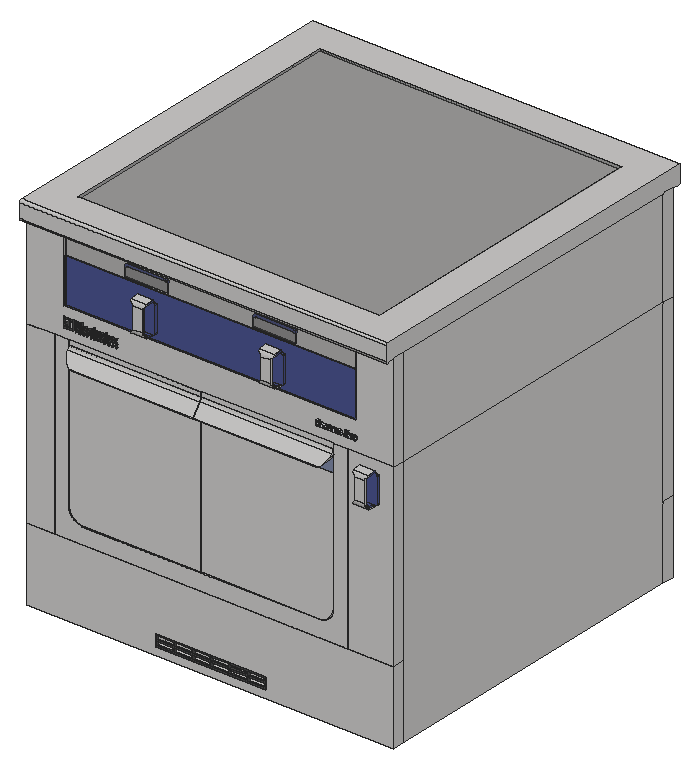
Revit family "QF_ELECTROLUXPROFESSIONAL_588438_MAIRFCH4AO", category Attrezzature speciali, Revit 2020 (continued)
Definition of nested family "Front_Panel_W800_2 Knobs"
  Definition of nested family "ELX_ThermaLine_Small"
    Forms (mm)
      Extrusion 2, solid
        sketch origin (0, 0, 0) x (1, 0, 0) y (0, 1, 0)
          loop
            line (36.383, -0.078) -> (35.157, -5.848) -> (37.536, -5.848) -> (38.936, 0.738)
            arc (38.936, 0.738) -> (38.775, 2.091) -> (37.825, 3.066) r 2.118
            arc (37.825, 3.066) -> (35.392, 3.175) -> (33.295, 1.937) r 4.271
            line (33.295, 1.937) -> (33.535, 3.066) -> (31.25, 3.066) -> (29.355, -5.848)
          loop
            line (42.792, -0.64) -> (46.589, -0.64)
            arc (46.589, -0.64) -> (46.639, 0.124) -> (46.327, 0.823) r 1.589
            arc (46.327, 0.823) -> (45.117, 1.521) -> (43.762, 1.183) r 1.865
            arc (43.762, 1.183) -> (43.141, 0.344) -> (42.792, -0.64) r 3.538
          loop
            line (42.565, -2.138) -> (48.593, -2.138)
            arc (48.593, -2.138) -> (48.58, 0.597) -> (46.983, 2.818) r 4.494
            arc (46.983, 2.818) -> (44.191, 3.28) -> (41.725, 1.891) r 4.26
            arc (41.725, 1.891) -> (40.503, -0.3) -> (40.284, -2.799) r 6.003
            arc (40.284, -2.799) -> (40.959, -4.468) -> (42.377, -5.576) r 3.482
            arc (42.377, -5.576) -> (44.265, -5.961) -> (46.152, -5.576) r 4.823
            arc (46.152, -5.576) -> (47.432, -4.731) -> (48.328, -3.485) r 4.245
            line (48.328, -3.485) -> (46.168, -3.105)
            arc (46.168, -3.105) -> (45.214, -4.072) -> (43.859, -4.181) r 1.953
            arc (43.859, -4.181) -> (42.821, -3.408) -> (42.565, -2.138) r 1.81
          loop
            line (12.868, -1.553) -> (10.216, -2.214)
            arc (10.216, -2.214) -> (9.747, -3.136) -> (10.216, -4.058) r 1.14
            arc (10.216, -4.058) -> (11.537, -4.249) -> (12.614, -3.46) r 1.763
            arc (12.614, -3.46) -> (12.858, -2.522) -> (12.868, -1.553) r 3.97
        from 0 to 1.6
    Dimensions and locks
      aligned and locked: plane 2 to Extrusion 1
      aligned and locked: level to Extrusion 1
  Definition of nested family "ELX_Professional_Logo_Small"
    Parameters
      Show Logo [instance] = yes
      Material_Logo [instance] = none
      Default Elevation = 0 mm
    Reference planes
      plane 1 "Centro (Fronte/Retro)": y = 0
      plane 2: z = 0
      plane 3 "Centro (Sinistra/Destra)": x = 0
    Forms (mm)
      Extrusion 1, solid
        sketch origin (0, 0, 0) x (1, 0, 0) y (0, 1, 0)
          loop
            line (-1219.2, 1219.2) -> (-1219.2, -1219.2) -> (1219.2, -1219.2) -> (1219.2, 1219.2) -> (-1219.2, 1219.2)
        from 0 to -304.8
      Extrusion 2, solid, material <- "Material_Logo"
        sketch origin (15.5, 0, 0) x (1, 0, 0) y (0, 1, 0)
          loop
            spline (-42.99, -1.24) -> (-43.195, -1.231) -> (-43.415, -1.203) -> (-43.642, -1.152) -> (-43.87, -1.074) -> (-44.095, -0.966) -> (-44.309, -0.825) -> (-44.506, -0.647) -> (-44.681, -0.429) -> (-44.828, -0.167) -> (-44.94, 0.142) -> (-45.011, 0.501) -> (-45.037, 0.915)
            line (-45.037, 0.915) -> (-45.037, 2.748) -> (-38.984, 2.748) -> (-38.984, 5.086) -> (-45.038, 5.086) -> (-45.038, 8.489) -> (-38.599, 8.489) -> (-38.599, 10.82) -> (-47.515, 10.82) -> (-47.515, 1.021)
            spline (-47.515, 1.021) -> (-47.493, 0.418) -> (-47.425, -0.15) -> (-47.311, -0.682) -> (-47.15, -1.175) -> (-46.939, -1.628) -> (-46.678, -2.038) -> (-46.365, -2.404) -> (-46, -2.723) -> (-45.58, -2.995) -> (-45.105, -3.216) -> (-44.573, -3.385) -> (-43.983, -3.499)
            line (-43.983, -3.499) -> (-43.01, -3.569) -> (-38.426, -3.569) -> (-38.426, -1.24) -> (-42.99, -1.24)
          loop
            line (-36.666, 4.021) -> (-36.666, -3.573) -> (-34.188, -3.573) -> (-34.188, 10.824) -> (-36.666, 10.824) -> (-36.666, 4.021)
          loop
            spline (-21.915, 1.897) -> (-21.957, 2.615) -> (-22.082, 3.303) -> (-22.285, 3.955) -> (-22.563, 4.564) -> (-22.913, 5.124) -> (-23.331, 5.629) -> (-23.814, 6.074) -> (-24.359, 6.451) -> (-24.961, 6.755) -> (-25.618, 6.98) -> (-26.326, 7.119) -> (-27.081, 7.167)
            spline (-27.081, 7.167) -> (-27.853, 7.122) -> (-28.586, 6.99) -> (-29.275, 6.774) -> (-29.915, 6.478) -> (-30.5, 6.104) -> (-31.024, 5.657) -> (-31.483, 5.138) -> (-31.871, 4.553) -> (-32.182, 3.904) -> (-32.411, 3.194) -> (-32.552, 2.427) -> (-32.6, 1.606)
            spline (-32.6, 1.606) -> (-32.553, 0.805) -> (-32.416, 0.057) -> (-32.193, -0.637) -> (-31.887, -1.271) -> (-31.504, -1.843) -> (-31.048, -2.35) -> (-30.523, -2.788) -> (-29.934, -3.154) -> (-29.284, -3.444) -> (-28.579, -3.656) -> (-27.822, -3.785) -> (-27.019, -3.829)
            spline (-27.019, -3.829) -> (-26.627, -3.82) -> (-26.239, -3.79) -> (-25.856, -3.739) -> (-25.477, -3.663) -> (-25.103, -3.562) -> (-24.734, -3.432) -> (-24.369, -3.273) -> (-24.01, -3.082) -> (-23.655, -2.858) -> (-23.305, -2.597) -> (-22.96, -2.299) -> (-22.621, -1.962)
            line (-22.621, -1.962) -> (-24.114, -0.509)
            spline (-24.114, -0.509) -> (-24.311, -0.699) -> (-24.509, -0.872) -> (-24.71, -1.03) -> (-24.915, -1.172) -> (-25.126, -1.297) -> (-25.346, -1.407) -> (-25.576, -1.5) -> (-25.817, -1.576) -> (-26.072, -1.636) -> (-26.342, -1.678) -> (-26.629, -1.704) -> (-26.936, -1.713)
            spline (-26.936, -1.713) -> (-27.384, -1.691) -> (-27.805, -1.625) -> (-28.196, -1.518) -> (-28.556, -1.372) -> (-28.882, -1.187) -> (-29.174, -0.966) -> (-29.429, -0.71) -> (-29.645, -0.422) -> (-29.821, -0.102) -> (-29.955, 0.247) -> (-30.045, 0.623) -> (-30.089, 1.026)
            line (-30.089, 1.026) -> (-21.956, 1.026) -> (-21.915, 1.897)
          loop
            spline (-24.446, 2.769) -> (-24.47, 3.075) -> (-24.54, 3.37) -> (-24.654, 3.65) -> (-24.807, 3.913) -> (-24.996, 4.156) -> (-25.219, 4.376) -> (-25.472, 4.57) -> (-25.753, 4.736) -> (-26.057, 4.869) -> (-26.382, 4.968) -> (-26.724, 5.03) -> (-27.081, 5.051)
            spline (-27.081, 5.051) -> (-27.464, 5.03) -> (-27.832, 4.97) -> (-28.183, 4.872) -> (-28.513, 4.74) -> (-28.819, 4.577) -> (-29.099, 4.384) -> (-29.347, 4.165) -> (-29.563, 3.923) -> (-29.742, 3.659) -> (-29.881, 3.377) -> (-29.977, 3.079) -> (-30.027, 2.769)
            line (-30.027, 2.769) -> (-24.446, 2.769)
          loop
            spline (-18.167, 1.669) -> (-18.138, 2.13) -> (-18.055, 2.567) -> (-17.921, 2.978) -> (-17.739, 3.358) -> (-17.512, 3.705) -> (-17.243, 4.016) -> (-16.937, 4.287) -> (-16.596, 4.517) -> (-16.223, 4.7) -> (-15.823, 4.835) -> (-15.398, 4.919) -> (-14.951, 4.947)
            spline (-14.951, 4.947) -> (-14.677, 4.938) -> (-14.414, 4.913) -> (-14.162, 4.871) -> (-13.921, 4.812) -> (-13.69, 4.738) -> (-13.467, 4.649) -> (-13.254, 4.544) -> (-13.048, 4.424) -> (-12.85, 4.291) -> (-12.659, 4.143) -> (-12.474, 3.981) -> (-12.295, 3.806)
            line (-12.295, 3.806) -> (-10.76, 5.403)
            spline (-10.76, 5.403) -> (-11.065, 5.709) -> (-11.38, 5.984) -> (-11.703, 6.228) -> (-12.035, 6.443) -> (-12.375, 6.63) -> (-12.723, 6.788) -> (-13.078, 6.92) -> (-13.44, 7.026) -> (-13.809, 7.107) -> (-14.184, 7.164) -> (-14.564, 7.198) -> (-14.951, 7.209)
            spline (-14.951, 7.209) -> (-15.725, 7.161) -> (-16.467, 7.02) -> (-17.169, 6.792) -> (-17.826, 6.482) -> (-18.43, 6.096) -> (-18.976, 5.637) -> (-19.455, 5.112) -> (-19.862, 4.525) -> (-20.19, 3.882) -> (-20.433, 3.189) -> (-20.584, 2.449) -> (-20.635, 1.669)
            spline (-20.635, 1.669) -> (-20.584, 0.889) -> (-20.433, 0.149) -> (-20.19, -0.545) -> (-19.862, -1.187) -> (-19.455, -1.774) -> (-18.976, -2.299) -> (-18.43, -2.758) -> (-17.826, -3.145) -> (-17.169, -3.454) -> (-16.467, -3.682) -> (-15.725, -3.823) -> (-14.951, -3.871)
            spline (-14.951, -3.871) -> (-14.564, -3.86) -> (-14.184, -3.826) -> (-13.809, -3.77) -> (-13.44, -3.689) -> (-13.078, -3.583) -> (-12.723, -3.451) -> (-12.375, -3.292) -> (-12.035, -3.105) -> (-11.703, -2.89) -> (-11.38, -2.646) -> (-11.065, -2.371) -> (-10.76, -2.066)
            line (-10.76, -2.066) -> (-12.295, -0.468)
            spline (-12.295, -0.468) -> (-12.474, -0.643) -> (-12.659, -0.805) -> (-12.85, -0.953) -> (-13.048, -1.087) -> (-13.254, -1.206) -> (-13.467, -1.311) -> (-13.69, -1.4) -> (-13.921, -1.475) -> (-14.162, -1.533) -> (-14.414, -1.575) -> (-14.677, -1.6) -> (-14.951, -1.609)
            spline (-14.951, -1.609) -> (-15.398, -1.581) -> (-15.823, -1.497) -> (-16.223, -1.362) -> (-16.596, -1.179) -> (-16.937, -0.95) -> (-17.243, -0.678) -> (-17.512, -0.367) -> (-17.739, -0.02) -> (-17.921, 0.36) -> (-18.055, 0.771) -> (-18.138, 1.208) -> (-18.167, 1.669)
          loop
            spline (-4.441, -1.243) -> (-4.659, -1.247) -> (-4.894, -1.23) -> (-5.137, -1.19) -> (-5.384, -1.121) -> (-5.628, -1.021) -> (-5.864, -0.884) -> (-6.084, -0.708) -> (-6.283, -0.488) -> (-6.454, -0.219) -> (-6.592, 0.101) -> (-6.69, 0.478) -> (-6.742, 0.914)
            line (-6.742, 0.914) -> (-6.742, 4.587) -> (-4.487, 4.587) -> (-4.487, 6.838) -> (-6.738, 6.838) -> (-6.738, 10.824) -> (-9.217, 10.824) -> (-9.217, 0.773)
            spline (-9.217, 0.773) -> (-9.164, 0.19) -> (-9.068, -0.358) -> (-8.928, -0.87) -> (-8.742, -1.343) -> (-8.511, -1.777) -> (-8.232, -2.168) -> (-7.904, -2.515) -> (-7.527, -2.816) -> (-7.098, -3.069) -> (-6.618, -3.273) -> (-6.084, -3.426) -> (-5.496, -3.525)
            line (-5.496, -3.525) -> (-4.45, -3.573) -> (-4.441, -1.243)
          loop
            spline (3.898, 6.983) -> (3.469, 7.009) -> (3.056, 7.001) -> (2.661, 6.961) -> (2.283, 6.888) -> (1.925, 6.785) -> (1.588, 6.652) -> (1.272, 6.49) -> (0.979, 6.301) -> (0.71, 6.085) -> (0.465, 5.844) -> (0.247, 5.578) -> (0.056, 5.289)
            line (0.056, 5.289) -> (0.056, 6.838) -> (-2.402, 6.838) -> (-2.402, -3.572) -> (0.056, -3.572) -> (0.056, 1.901)
            spline (0.056, 1.901) -> (0.079, 2.316) -> (0.145, 2.703) -> (0.254, 3.06) -> (0.404, 3.386) -> (0.592, 3.679) -> (0.818, 3.938) -> (1.08, 4.162) -> (1.375, 4.348) -> (1.703, 4.495) -> (2.062, 4.602) -> (2.45, 4.668) -> (2.865, 4.69)
            line (2.865, 4.69) -> (3.898, 4.586) -> (3.898, 6.983)
          loop
            spline (15.638, 1.633) -> (15.586, 2.396) -> (15.435, 3.124) -> (15.192, 3.81) -> (14.863, 4.449) -> (14.455, 5.034) -> (13.975, 5.56) -> (13.43, 6.021) -> (12.826, 6.411) -> (12.17, 6.724) -> (11.469, 6.955) -> (10.729, 7.098) -> (9.958, 7.147)
            spline (9.958, 7.147) -> (9.182, 7.098) -> (8.44, 6.955) -> (7.737, 6.724) -> (7.081, 6.411) -> (6.477, 6.021) -> (5.933, 5.56) -> (5.454, 5.034) -> (5.048, 4.449) -> (4.721, 3.81) -> (4.479, 3.124) -> (4.329, 2.396) -> (4.277, 1.633)
            spline (4.277, 1.633) -> (4.329, 0.869) -> (4.479, 0.141) -> (4.721, -0.544) -> (5.048, -1.183) -> (5.454, -1.768) -> (5.933, -2.294) -> (6.477, -2.755) -> (7.081, -3.145) -> (7.737, -3.459) -> (8.44, -3.69) -> (9.182, -3.833) -> (9.958, -3.882)
            spline (9.958, -3.882) -> (10.729, -3.833) -> (11.469, -3.69) -> (12.17, -3.459) -> (12.826, -3.145) -> (13.43, -2.755) -> (13.975, -2.294) -> (14.455, -1.768) -> (14.863, -1.183) -> (15.192, -0.544) -> (15.435, 0.141) -> (15.586, 0.869) -> (15.638, 1.633)
          loop
            spline (13.18, 1.633) -> (13.151, 2.083) -> (13.067, 2.513) -> (12.932, 2.918) -> (12.748, 3.296) -> (12.52, 3.642) -> (12.251, 3.954) -> (11.943, 4.227) -> (11.601, 4.459) -> (11.228, 4.645) -> (10.828, 4.782) -> (10.403, 4.867) -> (9.958, 4.896)
            spline (9.958, 4.896) -> (9.509, 4.867) -> (9.081, 4.782) -> (8.679, 4.645) -> (8.306, 4.459) -> (7.964, 4.227) -> (7.658, 3.954) -> (7.39, 3.642) -> (7.163, 3.296) -> (6.981, 2.918) -> (6.847, 2.513) -> (6.765, 2.083) -> (6.736, 1.633)
            spline (6.736, 1.633) -> (6.765, 1.182) -> (6.847, 0.753) -> (6.981, 0.347) -> (7.163, -0.031) -> (7.39, -0.377) -> (7.658, -0.689) -> (7.964, -0.962) -> (8.306, -1.193) -> (8.679, -1.38) -> (9.081, -1.517) -> (9.509, -1.602) -> (9.958, -1.631)
            spline (9.958, -1.631) -> (10.403, -1.602) -> (10.828, -1.517) -> (11.228, -1.38) -> (11.601, -1.193) -> (11.943, -0.962) -> (12.251, -0.689) -> (12.52, -0.377) -> (12.748, -0.031) -> (12.932, 0.347) -> (13.067, 0.753) -> (13.151, 1.182) -> (13.18, 1.633)
          loop
            line (17.162, 4.269) -> (17.162, -3.573) -> (19.642, -3.573) -> (19.642, 10.824) -> (17.162, 10.824) -> (17.162, 4.269)
          loop
            line (28.581, 6.838) -> (28.581, 0.786)
            spline (28.581, 0.786) -> (28.561, 0.393) -> (28.503, 0.038) -> (28.409, -0.279) -> (28.281, -0.559) -> (28.122, -0.802) -> (27.933, -1.011) -> (27.717, -1.185) -> (27.476, -1.325) -> (27.213, -1.433) -> (26.929, -1.509) -> (26.626, -1.554) -> (26.308, -1.569)
            spline (26.308, -1.569) -> (25.99, -1.554) -> (25.688, -1.509) -> (25.404, -1.434) -> (25.141, -1.326) -> (24.9, -1.187) -> (24.684, -1.014) -> (24.496, -0.807) -> (24.336, -0.565) -> (24.209, -0.288) -> (24.115, 0.026) -> (24.057, 0.376) -> (24.037, 0.765)
            line (24.037, 0.765) -> (24.037, 6.838) -> (21.537, 6.838) -> (21.537, 0.558)
            spline (21.537, 0.558) -> (21.581, -0.153) -> (21.71, -0.8) -> (21.916, -1.384) -> (22.195, -1.904) -> (22.54, -2.362) -> (22.944, -2.757) -> (23.403, -3.09) -> (23.909, -3.362) -> (24.456, -3.572) -> (25.04, -3.722) -> (25.652, -3.811) -> (26.288, -3.841)
            spline (26.288, -3.841) -> (26.929, -3.811) -> (27.547, -3.72) -> (28.135, -3.568) -> (28.687, -3.355) -> (29.197, -3.079) -> (29.66, -2.741) -> (30.068, -2.341) -> (30.415, -1.877) -> (30.696, -1.349) -> (30.905, -0.757) -> (31.034, -0.101) -> (31.079, 0.621)
            line (31.079, 0.621) -> (31.079, 6.838) -> (28.581, 6.838)
          loop
            line (40.457, -0.243) -> (38.894, 1.942) -> (40.83, 4.579) -> (42.488, 6.837) -> (39.782, 6.837) -> (37.53, 3.719) -> (35.258, 6.837) -> (32.573, 6.837) -> (34.113, 4.731) -> (36.167, 1.922) -> (34.014, -1.076) -> (32.222, -3.573) -> (34.887, -3.573) -> (37.53, 0.104) -> (40.174, -3.573) -> (42.839, -3.573) -> (40.457, -0.243)
          loop
            line (-46.121, -5.837) -> (-48.039, -5.837) -> (-48.039, -10.814) -> (-47.016, -10.814) -> (-47.016, -9.128) -> (-46.121, -9.128)
            arc (-46.121, -9.128) -> (-44.476, -7.482) -> (-46.121, -5.837) r 1.645
          loop
            line (-46.163, -6.778) -> (-47.016, -6.778) -> (-47.016, -8.187) -> (-46.163, -8.187)
            arc (-46.163, -8.187) -> (-45.458, -7.482) -> (-46.163, -6.778) r 0.704
          loop
            line (-38.313, -5.837) -> (-40.265, -5.837) -> (-40.265, -10.814) -> (-39.241, -10.814) -> (-39.241, -9.1) -> (-38.46, -9.182) -> (-37.48, -10.814) -> (-36.318, -10.814) -> (-37.513, -8.848)
            arc (-37.513, -8.848) -> (-36.888, -8.266) -> (-36.671, -7.441) r 1.536
            arc (-36.671, -7.441) -> (-37.165, -6.305) -> (-38.313, -5.837) r 1.643
          loop
            arc (-38.402, -8.166) -> (-37.707, -7.505) -> (-38.334, -6.778) r 0.696
            line (-38.334, -6.778) -> (-39.241, -6.778) -> (-39.241, -8.166) -> (-38.402, -8.166)
          loop
            circle (-29.965, -8.325) r 2.585
          loop
            circle (-29.965, -8.325) r 1.64
          loop
            line (-23.1, -5.837) -> (-23.1, -10.814) -> (-22.076, -10.814) -> (-22.076, -8.768) -> (-20.204, -8.768) -> (-20.204, -7.828) -> (-22.076, -7.828) -> (-22.076, -6.778) -> (-20.024, -6.778) -> (-20.024, -5.837) -> (-23.1, -5.837)
          loop
            line (-15.802, -5.837) -> (-15.802, -9.2)
            arc (-15.802, -9.2) -> (-15.343, -10.34) -> (-14.209, -10.814) r 1.593
            line (-14.209, -10.814) -> (-12.602, -10.814) -> (-12.602, -10.027) -> (-14.004, -10.027)
            arc (-14.004, -10.027) -> (-14.552, -9.8) -> (-14.779, -9.252) r 0.775
            line (-14.779, -9.252) -> (-14.779, -8.424) -> (-12.789, -8.424) -> (-12.789, -7.642) -> (-14.779, -7.642) -> (-14.779, -6.778) -> (-12.651, -6.778) -> (-12.651, -5.837) -> (-15.802, -5.837)
          loop
            line (-5.909, -7.143) -> (-5.173, -6.638)
            arc (-5.173, -6.638) -> (-5.855, -5.974) -> (-6.781, -5.755) r 1.782
            arc (-6.781, -5.755) -> (-7.397, -5.878) -> (-7.944, -6.189) r 1.974
            arc (-7.944, -6.189) -> (-8.202, -6.5) -> (-8.317, -6.888) r 1.013
            arc (-8.317, -6.888) -> (-8.306, -7.341) -> (-8.192, -7.78) r 1.985
            arc (-8.192, -7.78) -> (-7.749, -8.259) -> (-7.171, -8.563) r 1.928
            arc (-7.171, -8.563) -> (-6.637, -8.779) -> (-6.131, -9.056) r 5.041
            arc (-6.131, -9.056) -> (-5.934, -9.387) -> (-6.09, -9.74) r 0.42
            arc (-6.09, -9.74) -> (-6.631, -9.96) -> (-7.204, -9.845) r 1.016
            arc (-7.204, -9.845) -> (-7.625, -9.603) -> (-7.889, -9.196) r 1.033
            line (-7.889, -9.196) -> (-8.67, -9.686)
            arc (-8.67, -9.686) -> (-8.361, -10.198) -> (-7.908, -10.589) r 1.914
            arc (-7.908, -10.589) -> (-7.334, -10.834) -> (-6.714, -10.896) r 2.063
            arc (-6.714, -10.896) -> (-5.947, -10.743) -> (-5.256, -10.376) r 2.696
            arc (-5.256, -10.376) -> (-4.95, -9.565) -> (-5.108, -8.712) r 1.618
            arc (-5.108, -8.712) -> (-5.448, -8.319) -> (-5.884, -8.035) r 1.876
            arc (-5.884, -8.035) -> (-6.434, -7.789) -> (-6.999, -7.577) r 9.883
            arc (-6.999, -7.577) -> (-7.325, -7.07) -> (-6.854, -6.694) r 0.45
            arc (-6.854, -6.694) -> (-6.329, -6.809) -> (-5.909, -7.143) r 1.197
          loop
            line (1.61, -7.143) -> (2.345, -6.638)
            arc (2.345, -6.638) -> (1.663, -5.974) -> (0.737, -5.755) r 1.782
            arc (0.737, -5.755) -> (0.121, -5.878) -> (-0.425, -6.189) r 1.974
            arc (-0.425, -6.189) -> (-0.683, -6.5) -> (-0.799, -6.888) r 1.013
            arc (-0.799, -6.888) -> (-0.788, -7.341) -> (-0.674, -7.78) r 1.985
            arc (-0.674, -7.78) -> (-0.231, -8.259) -> (0.347, -8.563) r 1.928
            arc (0.347, -8.563) -> (0.881, -8.779) -> (1.387, -9.056) r 5.041
            arc (1.387, -9.056) -> (1.584, -9.387) -> (1.428, -9.74) r 0.42
            arc (1.428, -9.74) -> (0.887, -9.96) -> (0.314, -9.845) r 1.016
            arc (0.314, -9.845) -> (-0.107, -9.603) -> (-0.371, -9.196) r 1.033
            line (-0.371, -9.196) -> (-1.152, -9.686)
            arc (-1.152, -9.686) -> (-0.842, -10.198) -> (-0.39, -10.589) r 1.914
            arc (-0.39, -10.589) -> (0.184, -10.834) -> (0.804, -10.896) r 2.063
            arc (0.804, -10.896) -> (1.572, -10.743) -> (2.263, -10.376) r 2.696
            arc (2.263, -10.376) -> (2.568, -9.565) -> (2.411, -8.712) r 1.618
            arc (2.411, -8.712) -> (2.07, -8.319) -> (1.635, -8.035) r 1.876
            arc (1.635, -8.035) -> (1.084, -7.789) -> (0.519, -7.577) r 9.883
            arc (0.519, -7.577) -> (0.193, -7.07) -> (0.665, -6.694) r 0.45
            arc (0.665, -6.694) -> (1.189, -6.809) -> (1.61, -7.143) r 1.197
          loop
            line (6.801, -5.837) -> (6.801, -10.814) -> (7.825, -10.814) -> (7.825, -5.837) -> (6.801, -5.837)
          loop
            circle (14.724, -8.325) r 1.548
          loop
            circle (14.724, -8.325) r 2.585
          loop
            line (21.59, -10.814) -> (22.623, -10.814) -> (22.623, -7.685) -> (24.9, -10.814) -> (25.895, -10.814) -> (25.895, -5.837) -> (24.861, -5.837) -> (24.861, -9.061) -> (22.585, -5.837) -> (21.59, -5.837) -> (21.59, -10.814)
          loop
            line (31.054, -10.814) -> (31.539, -9.74) -> (33.38, -9.74) -> (33.865, -10.814) -> (34.965, -10.814) -> (32.46, -5.837) -> (29.956, -10.814) -> (31.054, -10.814)
          loop
            line (32.46, -7.698) -> (31.999, -8.719) -> (32.921, -8.719) -> (32.46, -7.698)
          loop
            line (40.047, -9.873) -> (40.047, -5.837) -> (39.024, -5.837) -> (39.024, -10.814) -> (41.961, -10.814) -> (41.961, -9.873) -> (40.047, -9.873)
          loop
            line (-74.986, -10.814) -> (-53.322, -10.814) -> (-53.322, 10.82) -> (-74.986, 10.82) -> (-74.986, -10.814)
          loop
            line (-61.261, 9.758) -> (-61.261, -9.707)
            arc (-61.261, -9.707) -> (-54.066, 0.025) -> (-61.261, 9.758) r 10.18
          loop
            line (-62.251, 8.349) -> (-62.251, 9.758)
            arc (-62.251, 9.758) -> (-70.347, 7.918) -> (-74.247, 0.59) r 9.976
            line (-74.247, 0.59) -> (-71.026, 0.59)
            arc (-71.026, 0.59) -> (-65.274, 2.925) -> (-62.251, 8.349) r 9.351
          loop
            arc (-74.247, -0.539) -> (-70.353, -7.928) -> (-62.251, -9.957) r 10.237
            line (-62.251, -9.957) -> (-62.251, -8.298)
            arc (-62.251, -8.298) -> (-65.274, -2.874) -> (-71.026, -0.539) r 9.351
            line (-71.026, -0.539) -> (-74.247, -0.539)
        from 0 to 1.644
    Dimensions and locks
      aligned and locked: plane 2 to Extrusion 1
      aligned and locked: level to Extrusion 1
